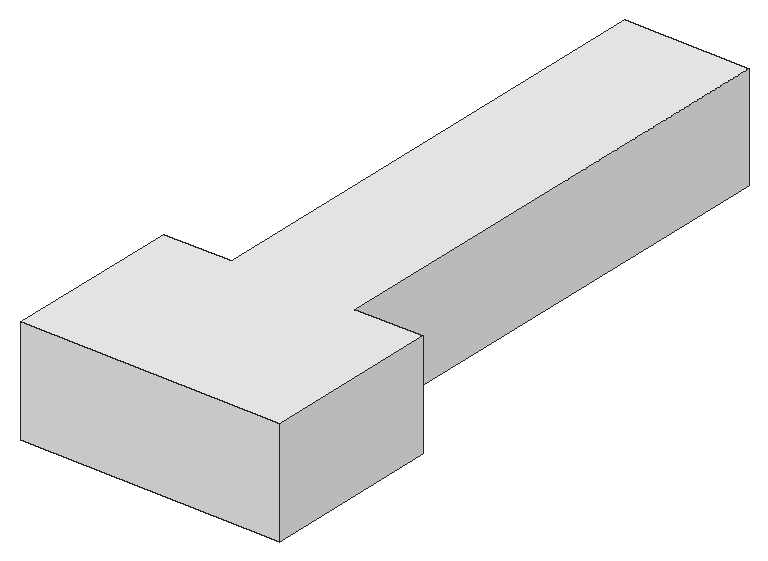
Revit family "LAMP_MAINS SUPPLY 48V", category Mobiliario, Revit 2015
Parameters (values of type "LEFT WHITE")
  Weight = 0.15 kg
  Product datasheet = "http://www.lamp.es/product-files/TECH/TLSUALDW-EN.pdf"
  Product code = "TLSUALDW"
  Product URL = "https://www.lamp.es/en/family/hance-48v_195581"
  Modelo = Product code  # "TLSUALDW"
  Material = LAMP_Aluminio Carril BL
  Manufacturer name = "LAMP"
  Manufacturer country = "Spain"
  Manufacturer URL = "http://www.lamp.es/en"
  Last update = "29/03/2019"
  Installation instructions = "https://www.lamp.es/product-files/INS/1004480-INSTR.%20TRACK%2048V.pdf"
  Finish = "RAL9010 textured"
  Fabricante = Manufacturer name  # "LAMP"
  Descripción = "TRACK 48V ACC. LEFT MAIN SUPPLY DALI WH."
  Accessory Type = "Assembly"
Types (4, lengths in mm): name | Product datasheet | Product code | Modelo | Material | Finish | Descripción
  LEFT BLACK | "http://www.lamp.es/product-files/TECH/TLSUALDB-EN.pdf" | "TLSUALDB" | "TLSUALDB" | LAMP_Aluminio Carril NG | "RAL9011 textured" | "TRACK 48V ACC. LEFT MAIN SUPPLY DALI BK."
  LEFT WHITE | "http://www.lamp.es/product-files/TECH/TLSUALDW-EN.pdf" | "TLSUALDW" | "TLSUALDW" | LAMP_Aluminio Carril BL | "RAL9010 textured" | "TRACK 48V ACC. LEFT MAIN SUPPLY DALI WH."
  RIGHT BLACK | "http://www.lamp.es/product-files/TECH/TLSUARDB-EN.pdf" | "TLSUARDB" | "TLSUARDB" | LAMP_Aluminio Carril NG | "RAL9011 textured" | "TRACK 48V ACC. RIGHT MAIN SUPPLY DALI BK"
  RIGHT WHITE | "http://www.lamp.es/product-files/TECH/TLSUARDW-EN.pdf" | "TLSUARDW" | "TLSUARDW" | LAMP_Aluminio Carril BL | "RAL9010 textured" | "TRACK 48V ACC. RIGHT MAIN SUPPLY DALI WH"
Reference planes
  plane 1 "Centro (Frontal/Posterior)": y = 0
  plane 2: z = 0
  plane 3 "Centro (Izquierda/Derecha)": x = 0
Forms (mm)
  Extrusion 1, solid, material "LAMP_Aluminio Carril BL" <- "Material"
    sketch origin (0, 0, 0) x (1, 0, 0) y (0, 1, 0)
      loop
        line (-14.5, 0) -> (14.5, 0) -> (14.5, 20) -> (6.9, 20) -> (6.9, 75) -> (-6.9, 75) -> (-6.9, 20) -> (-14.5, 20) -> (-14.5, 0)
    from 0 to 11.8
Text (mm)
  text "Any modification of the parameters and properties of the LAMP BIM models must be executed and validated by the LAMP technical department.\n\nPhone: +34 93 736 68 00\n\nE-mail: lamp@lamp.es\n\n\n\nLAMP reserves the right to modify the technical specifications of its products." at (25202.091, -32788.508, 18135.023), in view "Preview"
Dimensions and locks
  aligned and locked: level to plane 2
